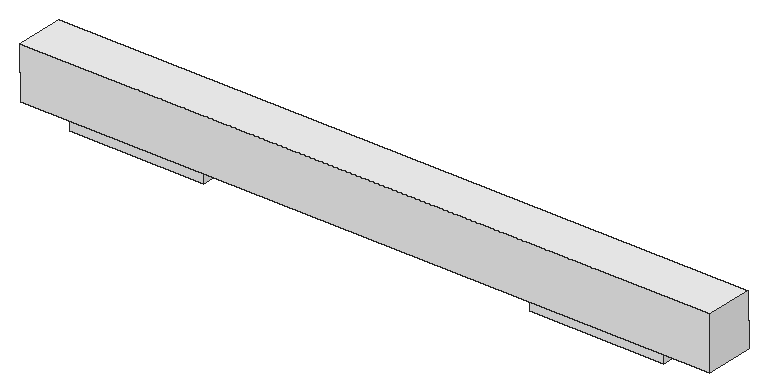
Revit family "22L-W-I", category Lighting Fixtures, host Face, Revit 2014
Parameters (values of type "22L-W-I-03")
  zz YesNo 2 = yes
  zz YesNo 1 = no
  Wattage = 4 W
  Warranty = "5-Years Warranty"  # constant formula
  built-in parameter 1150110 = 1 (stored number, unit not read)
  Voltage = 120 V
  Type Comments = "Lighting Fixture"  # constant formula
  built-in parameter 1114217 = 1 (stored number, unit not read)
  Tilt Angle = -90.00°
  built-in parameter 1150109 = 1 (stored number, unit not read)
  built-in parameter 1150134 = (empty or 0)
  built-in parameter 1150113 = 1 (stored number, unit not read)
  Product Page URL = "https://www.hubbell.com/litecontrol/en/Products/Lighting-Controls/Commercial-Indoor-Lighting/Wall-Mount/MOD-22L-LED-Wall-Indirect/p/3025885"
  Product Documentation Link = "https://hubbellcdn.com/specsheet/22L-W-I.pdf"
  Power Factor = 1
  Photometric Web File = "generic.ies"
  zz Length 1 = 3' - 0"
  Wattage Comments = ""
  URL = "https://www.hubbell.com/litecontrol/en/"
  Mounting = "Wall-Mount"  # constant formula
  Model = "MOD 22L LED Wall Indirect"  # constant formula
  Manufacturer = "Litecontrol Lighting"  # constant formula
  built-in parameter 1150105 = 39.789 (stored number, unit not read)
  Lumens = 500 lm
  built-in parameter 1150115 = 1 (stored number, unit not read)
  Load Classification = Lighting
  built-in parameter 1150137 = (empty or 0)
  built-in parameter 1150139 = (empty or 0)
  built-in parameter 1150112 = 1 (stored number, unit not read)
  built-in parameter 1150114 = 1 (stored number, unit not read)
  Lamp = "LED"  # constant formula
  built-in parameter 1150132 = (empty or 0)
  built-in parameter 1150102 = (empty or 0)
  built-in parameter 1150107 = 3500 (stored number, unit not read)
  built-in parameter 1150138 = (empty or 0)
  built-in parameter 1150106 = 0.39789 (stored number, unit not read)
  Glass = Glass - Hubbell - White
  Fixture Distribution = "Indirect"  # constant formula
  Emit from Rectangle Width = zz Length 1 - 0' 2"  # 2' - 10"
  Emit from Rectangle Length = 0' - 2"  # constant formula
  Emit Shape Visible in Rendering = no
  built-in parameter 1150104 = 11.613 (stored number, unit not read)
  Dimming Lamp Color Temperature Shift = <None>
  Description = "22L Wall Indirect (22L-W-I) is a small-scale extruded aluminum fixture. Its small housing provides a clean, minimalist look in both small and large areas."  # constant formula
  Default Elevation = 4' - 0"
  Copyright = "Copyright © 2020 Litecontrol"  # constant formula
  Contact Us = "https://www.hubbell.com/litecontrol/en/contactUs"
  Color Filter = 16777215
  built-in parameter 1114218 = 1 (stored number, unit not read)
  Housing Material = Paint - Hubbell - Matte White
  built-in parameter 1150133 = 10 (stored number, unit not read)
  Assembly Code = "D5020200"
  Apparent Load = 0 VA
Types (5): name | zz Length 1 | Emit from Rectangle Width
  (no name) | 3' - 0" | 2' - 10"
  22L-W-I-04 | 4' - 0" | 3' - 10"
  22L-W-I-03 | 3' - 0" | 2' - 10"
  22L-W-I-06 | 6' - 0" | 5' - 10"
  22L-W-I-08 | 8' - 0" | 7' - 10"
Reference planes (in)
  plane 1 "Center (Front/Back)": y = 13.01342
  plane 2: z = 0
  plane 3 "Center (Left/Right)": x = 0
Dimensions and locks (in)
  nested 1 to nested 1 to plane 2 = 0' - 2 3/4", 0' - 0 1/2"
  nested 1 to nested 1 = 0' - 2 1/2"
  aligned and locked: plane 2 to host face
  aligned and locked: level to host face
  aligned and locked: plane 3 "Center (Left/Right)" to imposter light
  aligned and locked: plane 3 "Center (Left/Right)" to nested 1
  aligned and locked: imposter light to nested 1  (x2)
Nested families (in)
  nested 1: "22-W" at (-0.01104, 14.51342, 1.83501) x (1, 0, 0) z (0, -1, 0), Glass <- "Glass", Backbox <- "Housing Material", Length <- "zz Length 1", type "22-W"
    with Length 3' - 0", Glass Glass - Hubbell - White, Backbox Paint - Hubbell - Matte White
Connectors (in)
  electrical at (0, 13.26342, 0.5), driven by "Load Classification", driven by "Voltage", driven by "Apparent Load", driven by "Power Factor"
    settings: on nested 1, index 1, voltage 120 V, apparent load 0 VA, apparent load phase1 0 VA, apparent load phase2 0 VA, apparent load phase3 0 VA, power factor 1, load classification "Lighting", number of poles 1, system type 30, power factor state 1, is connector primary yes, connector utility no, sub classification motor no, connector description "Electrical Connector"
Definition of nested family "22-W"
  Parameters (values of type "22-W")
    zz YesNo 2 = yes
    zz YesNo 1 = no
    Wattage Comments = ""
    URL = ""
    Model = ""
    Manufacturer = ""
    Length [instance] = 6' - 0"
    Lamp = ""
    Glass [instance] = none
    Description = ""
    Default Elevation = 4' - 0"
    Backbox [instance] = none
    Apparent Load = 0 VA
  Reference planes (in)
    plane 1 "Center (Front/Back)": y = 0.03999
    plane 2: z = 0
    plane 3 "Center (Left/Right)": x = 0.01104
    plane 4: z = 2.5
    plane 5: z = 1
    plane 6: x = -35.98896
    plane 7: x = 36.01104
    plane 8: x = -34.98896
    plane 9: x = 35.01104
    plane 10: y = 1.28999
    plane 11: y = -1.21001
    plane 12: y = -1.33501
    plane 13: y = 1.41499
    plane 14: z = 0.125
    plane 15: y = -1.83501
    plane 16: z = 2.4
    plane 17: x = -29.98896
    plane 18: x = -33.48896
    plane 19: x = -26.48896
    plane 20: x = 30.01104
    plane 21: x = 33.51104
    plane 22: x = 26.51104
    plane 23: x = -3.48896
    plane 24: x = 3.51104
  Forms (in)
    Extrusion 1, solid
      sketch origin (0, 0, 0.06357) x (1, 0, 0) y (0, 1, 0)
        loop
          line (-48, 48) -> (-48, -48) -> (48, -48) -> (48, 48) -> (-48, 48)
      from -0.06357 to -12.81105
    Extrusion 2, void
      sketch origin (-23.78896, 8.13374, 2) x (0, -1, 0) y (1, 0, 0)
        loop
          line (6.84375, -11.2) -> (9.34375, -11.2) -> (9.34375, 58.8) -> (6.84375, 58.8) -> (6.84375, -11.2)
      from -1 to -2
    Extrusion 3, solid, material <- "Backbox"
      sketch origin (0.01104, 0, 0) x (0, 1, 0) y (0, 0, 1)
        loop
          line (1.41499, 2.5) -> (-1.33501, 2.5) -> (-1.33501, 0) -> (1.41499, 0) -> (1.41499, 2.5)
      from -36 to 36
    Extrusion 4, solid, material <- "Glass"
      sketch origin (0, 0, 4.3125) x (0, -1, 0) y (1, 0, 0)
        loop
          line (-1.28999, -34.98896) -> (1.21001, -34.98896) -> (1.21001, 35.01104) -> (-1.28999, 35.01104) -> (-1.28999, -34.98896)
      from -4.3125 to -4.1875
    Extrusion 5, solid, material <- "Backbox", visible <- "zz YesNo 2"
      sketch origin (0.01104, 0, 0) x (0, 1, 0) y (0, 0, 1)
        loop
          line (-1.33501, 2.4) -> (-1.83501, 2.4) -> (-1.83501, 0.125) -> (-1.33501, 0.125) -> (-1.33501, 2.4)
      from 26.5 to 33.5
    Extrusion 6, solid, material <- "Backbox", visible <- "zz YesNo 2"
      sketch origin (0.01104, 0, 0) x (0, 1, 0) y (0, 0, -1)
        loop
          line (-1.33501, -2.4) -> (-1.33501, -0.125) -> (-1.83501, -0.125) -> (-1.83501, -2.4) -> (-1.33501, -2.4)
      from 26.5 to 33.5
    Extrusion 7, solid, material <- "Backbox", visible <- "zz YesNo 1"
      sketch origin (18.01104, 0, 0) x (0, 1, 0) y (0, 0, -1)
        loop
          line (-1.33501, -2.4) -> (-1.33501, -0.125) -> (-1.83501, -0.125) -> (-1.83501, -2.4) -> (-1.33501, -2.4)
      from 14.5 to 21.5
  Cuts and joins
    Extrusion 2 cuts Extrusion 3
  Dimensions and locks (in)
    "Length": plane 7 to plane 6
    locked: plane 8 to plane 6 at 1
    locked: plane 7 to plane 9 at 1
    equal spacing: plane 7, plane 3 "Center (Left/Right)", plane 6
    plane 10 to plane 11 = 0' - 2 1/2"
    equal spacing: plane 10, plane 1 "Center (Front/Back)", plane 11
    plane 12 to plane 13 = 0' - 2 3/4"
    plane 12 to plane 1 "Center (Front/Back)" = 0' - 1 3/8"
    equal spacing: plane 13, plane 1 "Center (Front/Back)", plane 12
    plane 4 to plane 2 = 0' - 2 1/2"
    plane 14 to plane 2 = 0' - 0 1/8"
    locked: plane 5 to plane 2 at 1
    locked: plane 12 to plane 15 at 0.5
    plane 4 to plane 16 = 0' - 0.1"
    locked: plane 17 to plane 6 at 6
    plane 19 to plane 17 to plane 18 = 0' - 3 1/2" locked, 0' - 3 1/2" locked
    plane 21 to plane 20 to plane 22 = 0' - 3 1/2" locked, 0' - 3 1/2" locked
    plane 24 to plane 3 "Center (Left/Right)" to plane 23 = 0' - 3 1/2" locked, 0' - 3 1/2" locked
    locked: plane 20 to plane 7 at 6
    aligned and locked: plane 2 to Extrusion 1
    aligned and locked: plane 10 to Extrusion 2 sketch curve
    aligned and locked: plane 11 to Extrusion 2 sketch curve
    aligned and locked: plane 4 to Extrusion 3 sketch curve
    aligned and locked: plane 13 to Extrusion 3 sketch curve
    aligned and locked: Extrusion 3 sketch curve to level
    aligned and locked: plane 12 to Extrusion 3 sketch curve
    aligned and locked: Extrusion 3 to plane 6
    aligned and locked: plane 7 to Extrusion 3
    aligned and locked: plane 9 to Extrusion 2
    aligned and locked: Extrusion 2 to plane 8
    aligned and locked: cut or joined group of Extrusion 2, Extrusion 3 to plane 2
    aligned and locked: Extrusion 4 to plane 2
    aligned and locked: plane 14 to Extrusion 4
    aligned and locked: plane 5 to cut or joined group of Extrusion 2, Extrusion 3
    aligned and locked: Extrusion 5 sketch curve to plane 14
    aligned and locked: plane 16 to Extrusion 5
    aligned and locked: plane 15 to Extrusion 5
    aligned and locked: Extrusion 5 to plane 12
    aligned and locked: Extrusion 5 to plane 21
    aligned and locked: Extrusion 5 to plane 22
    aligned and locked: Extrusion 6 to plane 18
    aligned and locked: Extrusion 6 to plane 19
    aligned and locked: Extrusion 7 to plane 23
    aligned and locked: Extrusion 7 to plane 24
  Automatic sketch dimensions
    Extrusion 1 sketch curve to Extrusion 1 sketch curve = 8' - 0"  (x2)
    Extrusion 2 sketch curve to plane 8 = 0' - 0"
    Extrusion 2 sketch curve to plane 9 = 0' - 0"
    Extrusion 4 sketch curve to plane 9 = 0' - 0"
    plane 10 to Extrusion 4 sketch curve = 0' - 0"
    Extrusion 4 sketch curve to plane 8 = 0' - 0"
    Extrusion 4 sketch curve to plane 11 = 0' - 0"
    Extrusion 5 sketch curve to plane 15 = 0' - 0"
    Extrusion 5 sketch curve to plane 12 = 0' - 0"
    Extrusion 5 sketch curve to plane 16 = 0' - 0"
    Extrusion 6 sketch curve to plane 15 = 0' - 0"
    Extrusion 6 sketch curve to plane 12 = 0' - 0"
    Extrusion 6 sketch curve to plane 16 = 0' - 0"
    Extrusion 6 sketch curve to plane 14 = 0' - 0"
    Extrusion 7 sketch curve to plane 15 = 0' - 0"
    Extrusion 7 sketch curve to plane 12 = 0' - 0"
    Extrusion 7 sketch curve to plane 16 = 0' - 0"
    Extrusion 7 sketch curve to plane 14 = 0' - 0"
